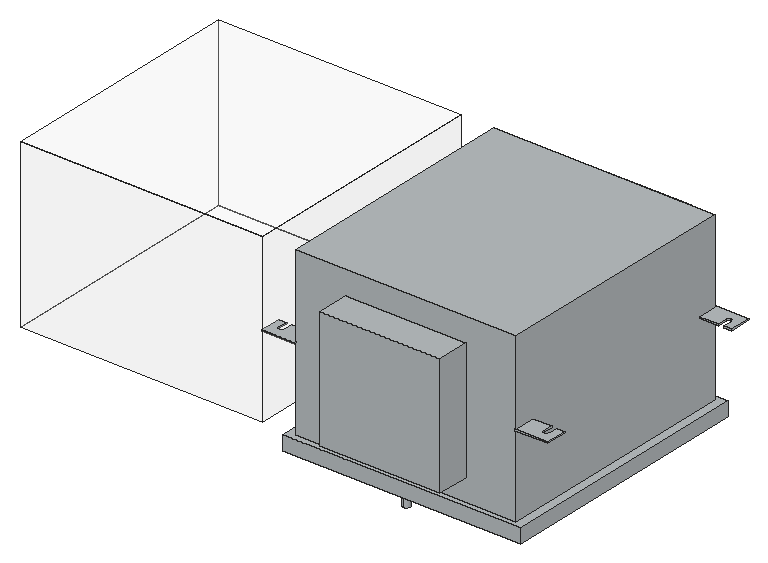
Revit family "bfs-300_1000tx2_50Hz", category 機械設備, Revit 2019
Family settings
  丸型コネクタ寸法 = 直径を使用
  パーツ タイプ = 割り込み
  OmniClass 番号 = 23.75.35.17.24
  OmniClass タイトル = Axial Fans
  作業面ベース = いいえ
  常に垂直 = はい
  ロード時にボイドで切り取り = いいえ
  共有 = いいえ
  部屋計算ポイント = はい
Parameters (values of type "BFS-300TX2")
  騒音レベル(dB(A))_吸込 = 68
  騒音レベル(dB(A))_吐出 = 73
  騒音レベル(dB(A))_側面 = 49
  騒音レベル(dB(A)) = 68
  風量 [instance] = 設計風量  # 0.0 m³/h
  電源種別 [instance] = "一般"
  電圧 = 200 V
  電動機出力 = 1500 W
  電動機_種別 [instance] = ""
  運転質量 = 0.00 kg
  連動 [instance] = ""
  質量 = if(製品質量 > 運転質量, 製品質量, 運転質量) * 1.2  # 46.80 kg
  負荷分類 = 3_ファン類
  説明 = "ストレートシロッコファン厨房用"
  設計風量 [instance] = 0.0 m³/h
  設置方法 = "天吊"
  記号 [instance] = ""
  製造元 = "三菱電機株式会社"
  製品質量 = 39.00 kg
  製品出荷対象 = "国内"
  製品リリース年月 = "2022年6月1日"
  製品グループ = ""
  系統 [instance] = ""
  符号 [instance] = if(☑給気／□排気, "FS", "FE")  # "FE"
  積算_科目 = "2 換気設備"
  積算_拾い区分 [instance] = ""
  相 = 3
  盤記号 [instance] = ""
  盤工事区分 = "電気工事"
  発停方法 [instance] = "別売スイッチ"
  番手 = "#2"
  特殊仕様 [instance] = ""
  火災停止 [instance] = ""
  消費電力 = 940 W
  法定耐用年数 = "15"
  機外静圧 [instance] = 0.0 Pa
  極数 = 3
  極 = 4
  材質 [instance] = ""
  本体マテリアル = SUS304
  操作・制御方式 = ""
  操作・制御スイッチ = ""
  排気量 [instance] = if(☑給気／□排気, 0.0 m³/h, 設計風量)  # 0.0 m³/h
  形式 = ""
  形名 = BFS-TX : BFS-300TX
  幹線記号 [instance] = ""
  対象室 [instance] = ""
  実風量 = 0.0 m³/h
  始動方式 [instance] = "直入"
  外気量 [instance] = if(☑給気／□排気, 設計風量, 0.0 m³/h)  # 0.0 m³/h
  呼称 = "消音ボックス付送風機"
  周波数 = 50 Hz
  天吊金具ピッチ幅 = 655 mm
  天吊金具ピッチ奥行 = 562 mm
  参照している仕様書等のバージョン = ""
  分類コード = "50052502100020"
  分類グループ = ""
  価格 = 463000
  企業コード = "108420"
  付属品_防振装置 = ""
  付属品 [instance] = ""
  仕様書バージョン = "Version1.0"
  モデル = "BFS-300TX2"
  ファンの種類 = "多翼形"
  ドレン管径 = 18 mm
  ダクト高 = 300 mm
  ダクト幅 = 300 mm
  サービススペース = yes
  コメント [instance] = ""
  Keynote = ""
  ☑給気／□排気 [instance] = no
  Width = 546 mm
  Version = ""
  Uniclass2015Version = "Systems v1.9"
  Uniclass2015Title = "Centrifugal fans"
  Uniclass2015Code = "Pr_65_67_29_12"
  URL = "https://www.mitsubishielectric.co.jp/ldg/wink/ssl/displayProduct.do?pid=319095"
  SpecificationReference = ""
  SpecificationDescription = ""
  Revision = ""
  ProductInformation = ""
  OmniClassCode = "23-33 31 19 13 15"
  MIN風量 = 0.0 m³/h
  MIN静圧 = 0.0 Pa
  MID風量 = 0.0 m³/h
  MID静圧 = 0.0 Pa
  MAX風量 = 3000.0 m³/h
  MAX静圧 = 200.0 Pa
  M = 80 mm
  IfcTypeProduct = ""
  IfcProduct = ""
  IfcExportType = "CENTRIFUGALFORWARDCURVED"
  IfcExportAs = "IfcFanType"
  Height = 411 mm
  Front-d = 80 mm
  Depth = 614 mm
  Clearance Top = 0 mm  # constant formula
  Clearance Right = 0 mm  # constant formula
  Clearance Left = 600 mm
  Clearance Front = 0 mm
  Clearance Bottom = 0 mm  # constant formula
  Clearance Back = 0 mm
  Author = "三菱電機株式会社"
Types (5, lengths in mm): name | 騒音レベル(dB(A))_吸込 | 騒音レベル(dB(A))_吐出 | 騒音レベル(dB(A))_側面 | 騒音レベル(dB(A)) | 電動機出力 | 質量 | 製品質量 | 番手 | 消費電力 | 形名 | 天吊金具ピッチ幅 | 天吊金具ピッチ奥行 | 価格 | モデル | ダクト高 | ダクト幅 | Width | URL | MAX風量 | MAX静圧 | Height | Front-d | Depth | Clearance Left | Clearance Front | Clearance Back
  BFS-300TX2 | 68 | 73 | 49 | 68 | 1500 W | 46.80 kg | 39.00 kg | "#2" | 940 W | BFS-TX : BFS-300TX | 655 | 562 | 463000 | "BFS-300TX2" | 300 | 300 | 546 | "https://www.mitsubishielectric.co.jp/ldg/wink/ssl/displayProduct.do?pid=319095" | 3000.0 m³/h | 200.0 Pa | 411 | 80 | 614 | 600 | 0 | 0
  BFS-450TX2 | 63 | 71 | 46 | 63 | 2200 W | 92.40 kg | 77.00 kg | "#1 1/2×2" | 1030 W | BFS-TX : BFS-450TX | 922 | 685 | 745000 | "BFS-450TX2" | 250 | 700 | 819 | "https://www.mitsubishielectric.co.jp/ldg/wink/ssl/displayProduct.do?pid=319108" | 4500.0 m³/h | 190.0 Pa | 415 | 81.5 | 728 | 1200 | 600 | 600
  BFS-550TX2 | 68 | 71 | 49 | 68 | 3000 W | 100.80 kg | 84.00 kg | "#2×2" | 1660 W | BFS-TX : BFS-550TX | 1015 | 728 | 830000 | "BFS-550TX2" | 300 | 750 | 912 | "https://www.mitsubishielectric.co.jp/ldg/wink/ssl/displayProduct.do?pid=319118" | 5500.0 m³/h | 200.0 Pa | 455 | 81.5 | 771 | 1200 | 600 | 600
  BFS-800TX2 | 68 | 70.5 | 48.5 | 68 | 3500 W | 145.20 kg | 121.00 kg | "#2×3" | 2600 W | BFS-TX : BFS-800TX | 1018 | 1630 | 1980000 | "BFS-800TX2" | 300 | 800 | 952 | "https://www.mitsubishielectric.co.jp/ldg/wink/ssl/displayProduct.do?pid=318895" | 8000.0 m³/h | 200.0 Pa | 461.4 | 18 | 1690 | 1100 | 18 | 18
  BFS-1000TX2 | 68.5 | 71 | 49 | 68.5 | 4400 W | 182.40 kg | 152.00 kg | "#2×4" | 3350 W | BFS-TX : BFS-1000TX | 1138 | 1850 | 2338000 | "BFS-1000TX2" | 300 | 900 | 1072 | "https://www.mitsubishielectric.co.jp/ldg/wink/ssl/displayProduct.do?pid=318844" | 10000.0 m³/h | 205.0 Pa | 461.4 | 18 | 1910 | 1100 | 18 | 18
Reference planes
  plane 1 "中心(正面/背面)": y = 0
  plane 2: z = 0
  plane 3 "中心(左/右)": x = -128
  plane 4 "左": x = -401
  plane 5 "右": x = 145
  plane 6 "背面": y = 307
  plane 7 "正面": y = -307
  plane 8: z = 205.5
  plane 9: y = 281
  plane 10: y = -281
  plane 11: x = 199.5
  plane 12: x = -455.5
  plane 13: z = -205.5
  plane 14: z = 205.5
  plane 15: z = -205.5
  plane 16: y = 307
  plane 17: y = -307
  plane 18: x = 145
  plane 19: x = -1081
  plane 20: x = -481
Lines and regions (mm)
  Masking region 1, detail levels coarse+medium
    outline origin (-262.466, -1350.471, 0) x (1, 0, 0) y (0, 1, 0)
      loop
        line (-138.534, 1043.471) -> (407.466, 1043.471) -> (407.466, 1657.471) -> (-138.534, 1657.471) -> (-138.534, 1043.471)
  symbolic lines, detail levels coarse+medium
    curve 1: line (-401, 307, 0) -> (145, 0, 0)
    curve 2: line (145, 0, 0) -> (-401, -307, 0)
Dimensions and locks
  "Width": plane 4 "左" to plane 5 "右"
  equal spacing: plane 7 "正面", plane 1 "中心(正面/背面)", plane 6 "背面"
  "Depth": plane 7 "正面" to plane 6 "背面"
  equal spacing: plane 8, level, plane 13
  "Height": plane 8 to plane 13
  equal spacing: plane 10, plane 1 "中心(正面/背面)", plane 9
  "天吊金具ピッチ奥行": plane 10 to plane 9
  "天吊金具ピッチ幅": plane 12 to plane 11
  equal spacing: plane 4 "左", plane 3 "中心(左/右)", plane 5 "右"
  equal spacing: plane 12, plane 3 "中心(左/右)", plane 11
  "Clearance Top": plane 14 to plane 8
  "Clearance Bottom": plane 13 to plane 15
  "Clearance Back": plane 6 "背面" to plane 16
  "Clearance Right": plane 5 "右" to plane 18
  "Clearance Front": plane 17 to plane 7 "正面"
  "Front-d": plane 20 to plane 4 "左"
  "Clearance Left": plane 19 to plane 20
  aligned and locked: level to plane 2
  aligned and locked: nested 1 to plane 9
  aligned and locked: plane 10 to nested 1
  aligned and locked: plane 12 to nested 1
  aligned and locked: plane 11 to nested 1
  aligned and locked: plane 8 to nested 2
  aligned and locked: plane 19 to nested 3
  aligned and locked: plane 17 to nested 3
  aligned and locked: plane 14 to nested 3
  aligned and locked: plane 15 to nested 3
  aligned and locked: plane 16 to nested 3
  aligned and locked: plane 20 to nested 3
  aligned and locked: plane 1 "中心(正面/背面)" to nested 2
  aligned and locked: nested 2 to plane 3 "中心(左/右)"
  aligned and locked: plane 5 "右" to Masking region 1
  aligned and locked: Masking region 1 to plane 4 "左"
  aligned and locked: Masking region 1 to plane 6 "背面"
  aligned and locked: plane 7 "正面" to Masking region 1
Automatic sketch dimensions
  plane 4 "左" to Masking region 1 sketch curve = 0 mm
  Masking region 1 sketch curve to plane 5 "右" = 0 mm
  plane 7 "正面" to Masking region 1 sketch curve = 0 mm
  Masking region 1 sketch curve to plane 7 "正面" = 614 mm
  curve 2 to plane 4 "左" = 0 mm
  curve 1 to plane 4 "左" = 0 mm
  plane 1 "中心(正面/背面)" to curve 2 = 0 mm
  curve 1 to plane 5 "右" = 0 mm
  plane 7 "正面" to curve 2 = 0 mm
  plane 6 "背面" to curve 1 = 0 mm
Nested families
  nested 1: "固定点" at (-455.5, -281, 0), type "固定点"
    with W 655 mm, D 562 mm, 中心円 14 mm
  nested 2: "BFS-TX" at (-128, 0, -205.5) x (0, -1, 0) z (0, 0, 1), type <- "形名", type "BFS-300TX"
  nested 3: "サービススペース" at (-781, 0, 0), type "サービススペース"
    with Width 600 mm, Height 411 mm, Depth 614 mm
Connectors
  hvac at (-128, -387, -1.5), driven by "ダクト高", driven by "ダクト幅", driven by "機外静圧", driven by "風量"
    settings: on nested 2, index 1, duct flow 0.0 m³/h, flow factor 0, pres drop 0.0 Pa, loss coef 0, conn angle 0.00°, conn width 300 mm, conn height 300 mm, conn diameter 609.6 mm, duct sys type 29, conn prof type 1, flow config 0, flow direction 2, loss method 4, conn ref index -1, conn util no, is conn primary yes, conn desc "Out"
  hvac at (-128, 387, -1.5), driven by "ダクト高", driven by "ダクト幅", driven by "機外静圧", driven by "風量"
    settings: on nested 2, index 2, duct flow 0.0 m³/h, flow factor 0, pres drop 0.0 Pa, loss coef 0, conn angle 0.00°, conn width 300 mm, conn height 300 mm, conn diameter 609.6 mm, duct sys type 29, conn prof type 1, flow config 0, flow direction 1, loss method 4, conn ref index -1, conn util no, is conn primary no, conn desc "In"
  electrical at (-441, -8.5, 68.4), driven by "極数", driven by "負荷分類", driven by "電圧", driven by "消費電力"
    settings: on nested 2, index 3, voltage 200 V, apparent load 940 VA, apparent load phase1 0 VA, apparent load phase2 0 VA, apparent load phase3 0 VA, power factor 1, load classification "3_ファン類", number of poles 3, system type 30, power factor state 1, is connector primary yes, connector utility no, sub classification motor no, connector description ""
  piping at (-128, -305, -265.5), diameter 18, driven by "ドレン管径"
    settings: on nested 2, index 4, connector inside diameter 609.6 mm, connector length 0 mm, flow factor 0, pipe flow 0.0 L/s, pressure drop 0.0 Pa, fitting loss kfactor 0, connector angle 0.00°, fixture units 0, engagement length 0 mm, angle of deflection 0.00°, flow configuration 1, flow direction 2, fitting loss method 4, system type 16, joint type 0, gender type 0, connector reference index -1, connector utility 0, adjustable connector no, is connector primary yes, connector description ""
  piping at (-406.5, 0, -265.5), diameter 18, driven by "ドレン管径"
    settings: on nested 2, index 5, connector inside diameter 609.6 mm, connector length 0 mm, flow factor 0, pipe flow 0.0 L/s, pressure drop 0.0 Pa, fitting loss kfactor 0, connector angle 0.00°, fixture units 0, engagement length 0 mm, angle of deflection 0.00°, flow configuration 1, flow direction 2, fitting loss method 4, system type 16, joint type 0, gender type 0, connector reference index -1, connector utility 0, adjustable connector no, is connector primary no, connector description ""
Definition of nested family "BFS-TX"
  Parameters (values of type "BFS-300TX1")
    端子カバー高 = 150 mm  # constant formula
    端子カバー手前位置 = 100 mm
    端子カバー幅 = 40 mm  # constant formula
    端子カバー奥行 = 397 mm  # constant formula
    端子カバー上位置 = 62.1 mm  # constant formula
    吊りボルト2 = no
    吊りボルト1-高さ = 204 mm
    吊りボルト1 = yes
    吊りボルト-φ = 13.5 mm
    吊りボルト-W2 = 52 mm
    吊りボルト-W1 = 562 mm
    吊りボルト-D2 = 706 mm
    吊りボルト-D1 = 655 mm
    中心高さ = 207 mm
    マテリアル = none
    ドレン位置2 = 15 mm
    ドレン位置1 = 15 mm
    ドレイン2 = yes
    ドレイン1 = no
    カバーW = 400 mm
    カバーH = 411 mm
    カバー = no
    ダクトD = 298 mm
    ダクトW = 298 mm
    w1 = 640 mm
    d2 = 293.5 mm
    d1 = 587 mm
    b = 400 mm
    a = 80 mm
    W = 614 mm
    H3 = 35 mm
    H2 = 25 mm
    H = 411 mm
    c = 80 mm
    D = 546 mm
  Types (5, lengths in mm): name | 端子カバー手前位置 | 吊りボルト2 | 吊りボルト1-高さ | 吊りボルト1 | 吊りボルト-φ | 吊りボルト-W2 | 吊りボルト-W1 | 吊りボルト-D2 | 吊りボルト-D1 | 中心高さ | ドレン位置2 | ドレン位置1 | ドレイン2 | ドレイン1 | カバーW | カバーH | カバー | ダクトD | ダクトW | w1 | d2 | d1 | b | W | H3 | H | c | D
    BFS-300TX1 | 100 | no | 204 | yes | 13.5 | 52 | 562 | 706 | 655 | 207 | 15 | 15 | yes | no | 400 | 411 | no | 298 | 298 | 640 | 293.5 | 587 | 400 | 614 | 35 | 411 | 80 | 546
    BFS-450TX | 80 | yes | 214 | no | 14 | 50 | 685 | 982 | 922 | 161 | 15 | 15 | no | yes | 568 | 391 | no | 248 | 698 | 581 | 429 | 858 | 568 | 728 | 45 | 415 | 80 | 819
    BFS-550TX1 | 80 | yes | 214 | no | 14 | 50 | 728 | 1075 | 1015 | 172 | 25 | 15 | no | yes | 624 | 432 | no | 298 | 748 | 624 | 474 | 948 | 624 | 771 | 45 | 455 | 73.5 | 912
    BFS-800TX | 295.8 | no | 0 | yes | 13.5 | 52 | 1630 | 1112 | 1018 | 206 | 20 | 20 | no | yes | 300 | 200 | yes | 298 | 798 | 1726 | 494 | 440 | 624 | 1690 | 40.6 | 461.4 | 300 | 952
    BFS-1000TX | 621 | no | 0 | yes | 13.5 | 52 | 1850 | 1232 | 1138 | 206 | 19.8 | 19.8 | no | yes | 300 | 200 | yes | 298 | 898 | 1946 | 554 | 440 | 624 | 1910 | 40.6 | 461.4 | 600 | 1072
  Reference planes
    plane 1 "中心(正面/背面)": y = 0
    plane 2: z = 0
    plane 3 "中心(左/右)": x = 0
    plane 4: y = 273
    plane 5: y = 327.5
    plane 6: y = 353
    plane 7: y = -273
    plane 8: y = -327.5
    plane 9: y = -353
    plane 10: x = -307
    plane 11: x = -281
    plane 12: x = -310
    plane 13: x = 307
    plane 14: x = 281
    plane 15: x = 310
    plane 16: z = 411
    plane 17: z = 421
    plane 18: x = -193
    plane 19: x = 207
    plane 20: x = 387
    plane 21: x = -387
    plane 22: z = 207
    plane 23: z = 204
    plane 24: z = 166
    plane 25: x = -258
    plane 26: z = 189
    plane 27: x = 258
    plane 28: y = 276
    plane 29: x = 377
    plane 30: x = 317
    plane 31: x = -317
    plane 32: x = -377
    plane 33: x = -190
    plane 34: z = 348.9
    plane 35: z = 198.9
    plane 36: y = -313
    plane 37: y = 293.5
    plane 38: y = -293.5
    plane 39: x = -320
    plane 40: x = 320
    plane 41: z = -20
    plane 42: z = -25
    plane 43: z = -50
    plane 44: y = -278.5
    plane 45: z = -5
    plane 46: z = -35
    plane 47: z = -60
    plane 48: x = 305
    plane 49: z = 204
    plane 50: z = 353
    plane 51: z = 55
    plane 52: y = 112.5
    plane 53: y = 149
    plane 54: y = -149
  Forms (mm)
    Extrusion 1, solid, material <- "マテリアル", detail levels fine
      sketch origin (0, 0, 0) x (1, 0, 0) y (0, 1, 0)
        loop
          line (-307, 273) -> (-307, -273) -> (307, -273) -> (307, 273) -> (-307, 273)
      from 0 to 411
    Extrusion 2, solid, material <- "マテリアル", visible <- "吊りボルト1", detail levels fine
      sketch origin (0, 0, 0) x (1, 0, 0) y (0, 1, 0)
        loop
          line (-310, -273) -> (-310, -353) -> (-258, -353) -> (-258, -334.25) -> (-281, -334.25)
          arc (-281, -334.25) -> (-287.75, -327.5) -> (-281, -320.75) r 6.75
          line (-281, -320.75) -> (-258, -320.75) -> (-258, -273) -> (-310, -273)
      from 204 to 207
    Extrusion 3, solid, material <- "マテリアル", visible <- "吊りボルト1", detail levels fine
      sketch origin (0, 0, 0) x (1, 0, 0) y (0, 1, 0)
        loop
          line (-310, 273) -> (-258, 273) -> (-258, 320.75) -> (-281, 320.75)
          arc (-281, 320.75) -> (-287.75, 327.5) -> (-281, 334.25) r 6.75
          line (-281, 334.25) -> (-258, 334.25) -> (-258, 353) -> (-310, 353) -> (-310, 273)
      from 204 to 207
    Extrusion 4, solid, material <- "マテリアル", visible <- "吊りボルト1", detail levels fine
      sketch origin (0, 0, 0) x (-1, 0, 0) y (0, -1, 0)
        loop
          line (-310, -273) -> (-310, -353) -> (-258, -353) -> (-258, -334.25) -> (-281, -334.25)
          arc (-281, -334.25) -> (-287.75, -327.5) -> (-281, -320.75) r 6.75
          line (-281, -320.75) -> (-258, -320.75) -> (-258, -273) -> (-310, -273)
      from 204 to 207
    Extrusion 5, solid, material <- "マテリアル", visible <- "吊りボルト1", detail levels fine
      sketch origin (0, 0, 0) x (-1, 0, 0) y (0, -1, 0)
        loop
          line (-310, 273) -> (-258, 273) -> (-258, 320.75) -> (-281, 320.75)
          arc (-281, 320.75) -> (-287.75, 327.5) -> (-281, 334.25) r 6.75
          line (-281, 334.25) -> (-258, 334.25) -> (-258, 353) -> (-310, 353) -> (-310, 273)
      from 204 to 207
    Extrusion 6, solid, material <- "マテリアル", detail levels fine
      sketch origin (0, 0, 0) x (1, 0, 0) y (0, 0, 1)
        loop
          line (207, 348.9) -> (-190, 348.9) -> (-190, 198.9) -> (207, 198.9) -> (207, 348.9)
      from 273 to 313
    Extrusion 7, solid, material <- "マテリアル", detail levels fine
      sketch origin (0, 0, 0) x (1, 0, 0) y (0, 0, 1)
        loop
          line (-320, 0) -> (-320, -35) -> (320, -35) -> (320, 0) -> (-320, 0)
      from -293.5 to 293.5
    Extrusion 8, solid, material <- "マテリアル", detail levels fine
      sketch origin (0, 0, 0) x (1, 0, 0) y (0, 1, 0)
        loop
          line (387, -149) -> (387, 149) -> (307, 149) -> (307, -149) -> (387, -149)
        loop
          line (-387, -149) -> (-307, -149) -> (-307, 149) -> (-387, 149) -> (-387, -149)
      from 55 to 353
    Extrusion 9, solid, material <- "マテリアル", visible <- "吊りボルト2", detail levels fine
      sketch origin (0, 0, 0) x (1, 0, 0) y (0, 1, 0)
        loop
          line (320, 353) -> (310, 353) -> (310, 334.25) -> (281, 334.25)
          arc (281, 334.25) -> (274.25, 327.5) -> (281, 320.75) r 6.75
          line (281, 320.75) -> (310, 320.75) -> (310, -320.75) -> (281, -320.75)
          arc (281, -320.75) -> (274.25, -327.5) -> (281, -334.25) r 6.75
          line (281, -334.25) -> (310, -334.25) -> (310, -353) -> (320, -353) -> (320, 353)
        loop
          line (-320, 353) -> (-320, -353) -> (-310, -353) -> (-310, -334.25) -> (-281, -334.25)
          arc (-281, -334.25) -> (-274.25, -327.5) -> (-281, -320.75) r 6.75
          line (-281, -320.75) -> (-310, -320.75) -> (-310, 320.75) -> (-281, 320.75)
          arc (-281, 320.75) -> (-274.25, 327.5) -> (-281, 334.25) r 6.75
          line (-281, 334.25) -> (-310, 334.25) -> (-310, 353) -> (-320, 353)
      from -5 to 0
    Extrusion 10, solid, material <- "マテリアル", visible <- "ドレイン1", detail levels fine
      sketch origin (0, 0, 0) x (1, 0, 0) y (0, 1, 0)
        loop
          circle (0, -278.5) r 9
      from -60 to -35
    Extrusion 11, solid, material <- "マテリアル", visible <- "ドレイン2", detail levels fine
      sketch origin (0, 0, 0) x (1, 0, 0) y (0, 1, 0)
        loop
          circle (305, 0) r 9
      from -60 to -35
  Dimensions and locks
    plane 12 to plane 15 = 620 mm
    "吊りボルト-W1": plane 11 to plane 14
    "W": plane 10 to plane 13
    "吊りボルト-D2": plane 9 to plane 6
    "吊りボルト-D1": plane 8 to plane 5
    "D": plane 7 to plane 4
    equal spacing: plane 7, plane 1 "中心(正面/背面)", plane 4
    equal spacing: plane 10, plane 3 "中心(左/右)", plane 13
    "H": plane 16 to level
    locked: plane 13 to plane 15 at 3
    locked: plane 12 to plane 10 at 3
    locked: plane 22 to plane 23 at 3
    locked: plane 22 to plane 24 at 41
    "吊りボルト-W2": plane 12 to plane 25
    locked: plane 23 to plane 26 at 15
    "吊りボルト-W2": plane 27 to plane 15
    locked: plane 28 to plane 4 at 3
    "a": plane 21 to plane 10
    "a": plane 13 to plane 20
    locked: plane 21 to plane 32 at 10
    locked: plane 31 to plane 10 at 10
    locked: plane 13 to plane 30 at 10
    locked: plane 29 to plane 20 at 10
    "端子カバー手前位置": plane 13 to plane 19
    "b": plane 19 to plane 18
    "端子カバー奥行": plane 19 to plane 33
    "端子カバー高": plane 34 to plane 35
    "端子カバー幅": plane 36 to plane 7
    "d1": plane 38 to plane 37
    "w1": plane 39 to plane 40
    equal spacing: plane 39, plane 3 "中心(左/右)", plane 40
    locked: level to plane 41 at 20
    "H2": level to plane 42
    locked: plane 42 to plane 43 at 25
    plane 38 to plane 37 = 587 mm
    "ドレン位置1": plane 38 to plane 44
    equal spacing: plane 11, plane 3 "中心(左/右)", plane 14
    equal spacing: plane 9, plane 1 "中心(正面/背面)", plane 6
    equal spacing: plane 8, plane 1 "中心(正面/背面)", plane 5
    locked: plane 17 to plane 16 at 10
    "d2": plane 38 to plane 1 "中心(正面/背面)"
    locked: level to plane 45 at 5
    locked: plane 46 to plane 47 at 25
    "ドレン位置2": plane 48 to plane 40
    equal spacing: plane 50, plane 49, plane 51
    "ダクトD": plane 50 to plane 51
    equal spacing: plane 54, plane 1 "中心(正面/背面)", plane 53
    "ダクトW": plane 54 to plane 53
    "H3": level to plane 46
    "端子カバー上位置": plane 16 to plane 34
    "中心高さ": plane 16 to plane 49
    "吊りボルト1-高さ": plane 16 to plane 22
    "吊りボルト-φ": diameter of Extrusion 9 sketch curve  (x4)
    "吊りボルト-φ": diameter of Extrusion 2 sketch curve
    "吊りボルト-φ": diameter of Extrusion 3 sketch curve
    "吊りボルト-φ": diameter of Extrusion 4 sketch curve
    "吊りボルト-φ": diameter of Extrusion 5 sketch curve
    radius of Extrusion 10 sketch curve = 9 mm
    radius of Extrusion 11 sketch curve = 9 mm
    aligned and locked: level to plane 2
    aligned and locked: plane 4 to Extrusion 1 sketch curve
    aligned and locked: plane 10 to Extrusion 1 sketch curve
    aligned and locked: Extrusion 1 sketch curve to plane 7
    aligned and locked: Extrusion 1 sketch curve to plane 13
    aligned and locked: plane 16 to Extrusion 1
    aligned and locked: plane 7 to Extrusion 2 sketch curve
    aligned and locked: plane 12 to Extrusion 2 sketch curve
    aligned and locked: Extrusion 2 sketch curve to plane 9
    aligned and locked: Extrusion 2 sketch curve to plane 25  (x2)
    aligned and locked: plane 11 to Extrusion 2 sketch curve
    aligned and locked: plane 8 to Extrusion 2 sketch curve
    aligned and locked: plane 22 to Extrusion 2
    aligned and locked: Extrusion 2 to plane 23
    aligned and locked: plane 25 to Extrusion 3 sketch curve  (x2)
    aligned and locked: plane 5 to Extrusion 3 sketch curve
    aligned and locked: plane 11 to Extrusion 3 sketch curve
    aligned and locked: Extrusion 3 sketch curve to plane 6
    aligned and locked: Extrusion 3 sketch curve to plane 12
    aligned and locked: plane 4 to Extrusion 3 sketch curve
    aligned and locked: plane 22 to Extrusion 3
    aligned and locked: Extrusion 3 to plane 23
    aligned and locked: Extrusion 4 to plane 6
    aligned and locked: plane 15 to Extrusion 4
    aligned and locked: Extrusion 4 to plane 27
    aligned and locked: plane 27 to Extrusion 4 sketch curve  (x2)
    aligned and locked: plane 6 to Extrusion 4 sketch curve
    aligned and locked: Extrusion 4 sketch curve to plane 15
    aligned and locked: plane 5 to Extrusion 4 sketch curve
    aligned and locked: plane 14 to Extrusion 4 sketch curve
    aligned and locked: Extrusion 4 sketch curve to plane 4
    aligned and locked: Extrusion 4 to plane 23
    aligned and locked: plane 22 to Extrusion 4
    aligned and locked: plane 9 to Extrusion 5 sketch curve
    aligned and locked: plane 15 to Extrusion 5 sketch curve
    aligned and locked: Extrusion 5 sketch curve to plane 7
    aligned and locked: Extrusion 5 sketch curve to plane 27  (x2)
    aligned and locked: plane 14 to Extrusion 5 sketch curve
    aligned and locked: plane 8 to Extrusion 5 sketch curve
    aligned and locked: Extrusion 5 to plane 23
    aligned and locked: plane 22 to Extrusion 5
    aligned and locked: plane 34 to Extrusion 6 sketch curve
    aligned and locked: plane 19 to Extrusion 6 sketch curve
    aligned and locked: Extrusion 6 sketch curve to plane 35
    aligned and locked: Extrusion 6 sketch curve to plane 33
    aligned and locked: Extrusion 6 to plane 7
    aligned and locked: Extrusion 7 sketch curve to level
    aligned and locked: Extrusion 7 sketch curve to plane 39
    aligned and locked: Extrusion 7 sketch curve to plane 40
    aligned and locked: plane 20 to Extrusion 8 sketch curve
    aligned and locked: plane 54 to Extrusion 8 sketch curve
    aligned and locked: plane 21 to Extrusion 8 sketch curve
    aligned and locked: Extrusion 8 sketch curve to plane 54
    aligned and locked: plane 10 to Extrusion 8
    aligned and locked: Extrusion 8 to plane 13
    aligned and locked: plane 50 to Extrusion 8
    aligned and locked: Extrusion 8 to plane 51
    aligned and locked: Extrusion 8 sketch curve to plane 53
    aligned and locked: plane 53 to Extrusion 8 sketch curve
    aligned and locked: Extrusion 9 sketch curve to plane 40
    aligned and locked: Extrusion 9 sketch curve to plane 39
    aligned and locked: Extrusion 9 sketch curve to plane 15  (x3)
    aligned and locked: Extrusion 9 sketch curve to plane 12  (x3)
    aligned and locked: Extrusion 9 sketch curve to plane 9  (x2)
    aligned and locked: Extrusion 9 sketch curve to plane 6  (x2)
    aligned and locked: plane 5 to Extrusion 9 sketch curve  (x2)
    aligned and locked: plane 11 to Extrusion 9 sketch curve  (x2)
    aligned and locked: plane 14 to Extrusion 9 sketch curve  (x2)
    aligned and locked: plane 8 to Extrusion 9 sketch curve  (x2)
    aligned and locked: level to Extrusion 9
    aligned and locked: Extrusion 9 to plane 45
    aligned and locked: plane 44 to Extrusion 10 sketch curve
    aligned and locked: plane 3 "中心(左/右)" to Extrusion 10 sketch curve
    aligned and locked: plane 1 "中心(正面/背面)" to Extrusion 11 sketch curve
    aligned and locked: plane 48 to Extrusion 11 sketch curve
    aligned and locked: Extrusion 11 to plane 47
    aligned and locked: Extrusion 10 to plane 47
    aligned and locked: plane 36 to Extrusion 6
    aligned and locked: Extrusion 7 to plane 46
    aligned and locked: level to Extrusion 7
    aligned and locked: plane 46 to Extrusion 10
    aligned and locked: plane 46 to Extrusion 11
    aligned and locked: plane 38 to Extrusion 7
    aligned and locked: Extrusion 7 to plane 37
  Automatic sketch dimensions
    Extrusion 8 sketch curve to plane 10 = 0 mm
    Extrusion 8 sketch curve to plane 13 = 0 mm
    Extrusion 7 sketch curve to plane 46 = 0 mm
    Extrusion 2 sketch curve to plane 11 = 0 mm
    Extrusion 3 sketch curve to plane 11 = 0 mm
    Extrusion 4 sketch curve to plane 14 = 0 mm
    Extrusion 5 sketch curve to plane 14 = 0 mm
Definition of nested family "サービススペース"
  Parameters (values of type "サービススペース")
    Width [instance] = 500 mm
    Height [instance] = 500 mm
    Depth [instance] = 500 mm
  Reference planes
    plane 1 "中心(正面/背面)": y = 0
    plane 2: z = 0
    plane 3 "中心(左/右)": x = 0
    plane 4: y = -250
    plane 5: x = 250
    plane 6: y = 250
    plane 7: x = -250
    plane 8: z = 250
    plane 9: z = -250
  Forms (mm)
    Extrusion 1, solid
      sketch origin (-638.939, 0, 72.39) x (1, 0, 0) y (0, 1, 0)
        loop
          line (388.939, 250) -> (388.939, -250) -> (888.939, -250) -> (888.939, 250) -> (388.939, 250)
      from -322.39 to 177.61
  Lines and regions (mm)
    symbolic lines
      curve 1: line (-250, 0, 250) -> (250, 0, 250)
      curve 2: line (-250, 0, -250) -> (-250, 0, 250)
      curve 3: line (250, 0, -250) -> (-250, 0, -250)
      curve 4: line (250, 0, 250) -> (250, 0, -250)
      curve 5: line (0, -250, 250) -> (0, 250, 250)
      curve 6: line (0, -250, -250) -> (0, -250, 250)
      curve 7: line (0, 250, -250) -> (0, -250, -250)
      curve 8: line (0, 250, 250) -> (0, 250, -250)
      curve 9: line (-250, 250, 0) -> (250, 250, 0)
      curve 10: line (-250, -250, 0) -> (-250, 250, 0)
      curve 11: line (250, -250, 0) -> (-250, -250, 0)
      curve 12: line (250, 250, 0) -> (250, -250, 0)
  Dimensions and locks
    equal spacing: plane 7, plane 3 "中心(左/右)", plane 5
    equal spacing: plane 4, plane 1 "中心(正面/背面)", plane 6
    "Depth": plane 4 to plane 6
    "Width": plane 7 to plane 5
    equal spacing: plane 8, plane 2, plane 9
    "Height": plane 8 to plane 9
    aligned and locked: plane 9 to curve 3
    aligned and locked: plane 7 to curve 2
    aligned and locked: curve 4 to plane 5
    aligned and locked: plane 5 to Extrusion 1
    aligned and locked: Extrusion 1 to plane 7
    aligned and locked: Extrusion 1 to plane 9
    aligned and locked: plane 8 to Extrusion 1
    aligned and locked: plane 9 to curve 7
  Automatic sketch dimensions
    plane 4 to Extrusion 1 sketch curve = 0 mm
    Extrusion 1 sketch curve to plane 7 = 0 mm
    Extrusion 1 sketch curve to plane 5 = 0 mm
    plane 6 to Extrusion 1 sketch curve = 0 mm
    curve 2 to plane 8 = 0 mm
    plane 4 to curve 11 = 0 mm
    curve 11 to plane 7 = 0 mm
    curve 11 to plane 5 = 0 mm
    plane 6 to curve 10 = 0 mm
    curve 7 to plane 4 = 0 mm
    curve 7 to plane 6 = 0 mm
    curve 6 to plane 8 = 0 mm
Definition of nested family "固定点"
  Parameters (values of type "固定点")
    中心円 = 11 mm
    W [instance] = 1000 mm
    D [instance] = 1000 mm
  Reference planes
    plane 1 "中心(正面/背面)": y = 0
    plane 2: z = 0
    plane 3 "中心(左/右)": x = 0
    plane 4: x = 1000
    plane 5: y = 1000
  Lines and regions (mm)
    symbolic lines, detail levels fine
      curve 1: circle (0, 1000, 0) r 5.5 normal (0, 0, 1)
      curve 2: circle (0, 0, 0) r 5.5 normal (0, 0, 1)
      curve 3: circle (1000, 1000, 0) r 5.5 normal (0, 0, 1)
      curve 4: circle (1000, 0, 0) r 5.5 normal (0, 0, 1)
      curve 5: line (-200, 1000, 0) -> (1200, 1000, 0)
      curve 6: line (-200, 0, 0) -> (1200, 0, 0)
      curve 7: line (0, 1200, 0) -> (0, -200, 0)
      curve 8: line (1000, 1200, 0) -> (1000, -200, 0)
  Dimensions and locks
    "W": plane 3 "中心(左/右)" to plane 4
    "D": plane 1 "中心(正面/背面)" to plane 5
    "中心円": diameter of curve 1
    "中心円": diameter of curve 2
    "中心円": diameter of curve 3
    "中心円": diameter of curve 4
    aligned and locked: level to plane 2
    aligned and locked: plane 5 to curve 1
    aligned and locked: plane 3 "中心(左/右)" to curve 1
    aligned and locked: plane 3 "中心(左/右)" to curve 2
    aligned and locked: plane 1 "中心(正面/背面)" to curve 2
    aligned and locked: plane 4 to curve 3
    aligned and locked: plane 5 to curve 3
    aligned and locked: plane 1 "中心(正面/背面)" to curve 4
    aligned and locked: plane 4 to curve 4
    aligned and locked: plane 1 "中心(正面/背面)" to curve 6
    aligned and locked: curve 7 to plane 3 "中心(左/右)"
    aligned and locked: curve 8 to plane 4
  Automatic sketch dimensions
    curve 5 to plane 5 = 0 mm
    curve 6 to plane 3 "中心(左/右)" = 200 mm
    curve 5 to plane 3 "中心(左/右)" = 200 mm
    curve 4 to curve 6 = 200 mm
    curve 3 to curve 5 = 200 mm
    plane 1 "中心(正面/背面)" to curve 8 = 200 mm
    plane 1 "中心(正面/背面)" to curve 7 = 200 mm
    curve 3 to curve 8 = 200 mm
    curve 1 to curve 7 = 200 mm
